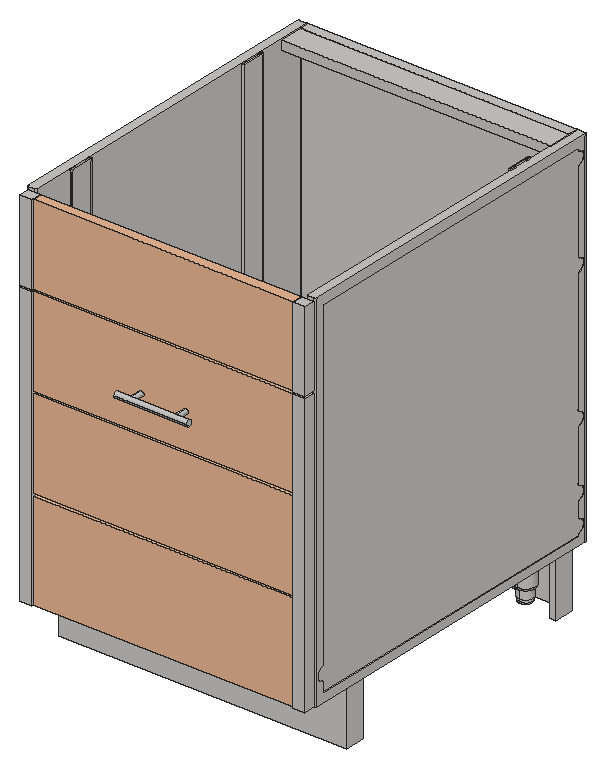
Revit family "Outdoor-Kitchen-Cabinets_Kalamazoo_Sink-Based-Cabinets_Arcadia", category Specialty Equipment, Revit 2018
Family settings
  Round Connector Dimension = Use Diameter
  Part Type = Normal
  OmniClass Number = 23.40.40.11
  OmniClass Title = Specialized Food Storage and Display Furnishings
  Work Plane-Based = No
  Always vertical = Yes
  Cut with Voids When Loaded = No
  Shared = No
  Room Calculation Point = No
Parameters (values of type "KD-24-SNK")
  Ι_Gnrc Mdl Optn 02 = Extension : -3/4"
  Ι_Gnrc Mdl Optn 01 = Extension : +3/4"
  Ι_Gd Rl120 = Width > 24"  # no
  Ι_Gd Rl100 = Width = 24"  # yes
  Ι_Dstnc [instance] = if(Height Extension = Ι_Gnrc Mdl Optn 01, 5 1/4", if(Height Extension = Ι_Gnrc Mdl Optn 02, 3 3/4", 4 1/2"))  # 4 1/2"
  Width = 24"
  Weight (lb) = 220.00 lbf
  URL = "https://kalamazoogourmet.com/products/arcadia-24-inch-sink-base-cabinet/"
  Right Hinge [instance] = not(Left Hinge)  # no
  Product data url = "https://www.bimobject.com/en-us/kalamazoogourmet/product/arcadia-sink-base-cabinet"
  Product Material = Kalamazoo - Stainless Steel - 304 OR 316L
  Panel Finish [instance] = Kalamazoo - Ipe Wood
  Optional Decorative Back Panel [instance] = no
  Model = "KD-24-SNK"
  Manufacturer = "Kalamazoo Outdoor Gourmet\r\n"  # constant formula
  Left Hinge [instance] = yes
  Keynote = "11400"
  Height Extension [instance] = Extension : None
  Height [instance] = 30 1/2" + Ι_Dstnc  # 35"
  Front Toe-Kick [instance] = yes
  Description = "Arcadia 24-inch Sink Base Cabinet"
  Depth = 29 1/8"  # constant formula
  Back Toe-Kick [instance] = yes
  BKPNLSNGL [instance] = and(Optional Decorative Back Panel, Ι_Gd Rl100)  # no
  BKPNLDBL [instance] = and(Optional Decorative Back Panel, Ι_Gd Rl120)  # no
  Assembly Code = "E1090300"
Reference planes (in)
  plane 1: y = 0
  plane 2: z = 0
  plane 3 "Center (Left/Right)": x = 0
  plane 4: x = -12
  plane 5: x = 12
  plane 6: x = -11.24947
  plane 7: x = 11.26003
  plane 8: x = 11.87546
  plane 9: x = -11.8649
  plane 10 "Center (Front/Back)": y = 13.77968
  plane 11: y = -15.34532
  plane 12: x = -10.8642
  plane 13: x = 10.87476
  plane 14: x = -1.89193
  plane 15: x = 1.89193
  plane 16: x = -3.01772
  plane 17: x = 3.01772
  plane 18: z = 35
  plane 19: x = -8.82527
  plane 20: x = 8.8125
  plane 21: x = -7.8906
  plane 22: x = 7.8906
  plane 23: z = 34.23047
  plane 24: z = 4.5
  plane 25: z = 5.20856
  plane 26: x = 6
  plane 27: x = -6
  plane 28: x = -4.1094
  plane 29: x = 4.1094
Forms (in)
  Extrusion 1, solid, material "Kalamazoo - Stainless Steel - 304 OR 316L" <- "Product Material"
    sketch origin (0, -9.75763, 45.43725) x (0, 1, 0) y (-1, 0, 0)
      loop
        line (22.78679, 11.1394) -> (22.78679, -11.15169)
        arc (22.78679, -11.15169) -> (22.81852, -11.22829) -> (22.89513, -11.26003) r 0.10834
        line (22.89513, -11.26003) -> (23.42897, -11.26003)
        arc (23.42897, -11.26003) -> (23.50558, -11.22829) -> (23.53731, -11.15169) r 0.10834
        line (23.53731, -11.15169) -> (23.53731, 11.1394)
        arc (23.53731, 11.1394) -> (23.50507, 11.21723) -> (23.42724, 11.24947) r 0.11008
        line (23.42724, 11.24947) -> (22.89686, 11.24947)
        arc (22.89686, 11.24947) -> (22.81903, 11.21723) -> (22.78679, 11.1394) r 0.11008
    from -40.93725 to -10.43725
  Extrusion 2, solid, material "Kalamazoo - Stainless Steel - 304 OR 316L" <- "Product Material"
    sketch origin (0, -9.75763, 45.43725) x (0, 1, 0) y (-1, 0, 0)
      loop
        line (22.78679, -11.26003) -> (22.78679, 11.24947) -> (-4.55229, 11.24947)
        arc (-4.55229, 11.24947) -> (-4.63022, 11.21719) -> (-4.66251, 11.13926) r 0.11022
        line (-4.66251, 11.13926) -> (-4.66251, -11.15025)
        arc (-4.66251, -11.15025) -> (-4.63035, -11.22787) -> (-4.55273, -11.26003) r 0.10978
        line (-4.55273, -11.26003) -> (22.78679, -11.26003)
      loop
        arc (17.85122, -4.68742) -> (18.66597, -4.35058) -> (19.02396, -3.5449) r 1.1875
        arc (19.02396, -3.5449) -> (18.69743, -2.68125) -> (17.85091, -2.31258) r 1.1875
        arc (17.85091, -2.31258) -> (17.0164, -2.64194) -> (16.65045, -3.46106) r 1.1875
        arc (16.65045, -3.46106) -> (16.98882, -4.33079) -> (17.85122, -4.68742) r 1.1875
      loop
        arc (19.02481, 3.50228) -> (18.66348, 4.35299) -> (17.80166, 4.68696) r 1.1875
        arc (17.80166, 4.68696) -> (16.98064, 4.32235) -> (16.64988, 3.48713) r 1.1875
        arc (16.64988, 3.48713) -> (17.00672, 2.65131) -> (17.85002, 2.31256) r 1.1875
        arc (17.85002, 2.31256) -> (18.68229, 2.66563) -> (19.02481, 3.50228) r 1.1875
      loop
        arc (17.8283, -1.18747) -> (18.68231, -0.83436) -> (19.02457, 0.02406) r 1.1875
        arc (19.02457, 0.02406) -> (18.6673, 0.84928) -> (17.83409, 1.18749) r 1.1875
        arc (17.83409, 1.18749) -> (17.01373, 0.85549) -> (16.6508, 0.04834) r 1.1875
        arc (16.6508, 0.04834) -> (16.97758, -0.81917) -> (17.8283, -1.18747) r 1.1875
    from -40.93725 to -40.22869
  Extrusion 3, solid, material "Kalamazoo - Stainless Steel - 304 OR 316L" <- "Product Material", detail levels fine
    sketch origin (0, -9.75763, 45.43725) x (0, 1, 0) y (-1, 0, 0)
      loop
        line (23.42724, 12) -> (-4.55241, 12)
        arc (-4.55241, 12) -> (-4.63024, 11.96776) -> (-4.66248, 11.88993) r 0.11007
        line (-4.66248, 11.88993) -> (-4.66248, 11.35963)
        arc (-4.66248, 11.35963) -> (-4.63021, 11.28174) -> (-4.55232, 11.24947) r 0.11016
        line (-4.55232, 11.24947) -> (23.42722, 11.24947)
        arc (23.42722, 11.24947) -> (23.50508, 11.28172) -> (23.53732, 11.35958) r 0.11011
        line (23.53732, 11.35958) -> (23.53732, 11.88992)
        arc (23.53732, 11.88992) -> (23.50508, 11.96776) -> (23.42724, 12) r 0.11008
      loop
        arc (23.42724, -12) -> (23.50508, -11.96776) -> (23.53732, -11.88992) r 0.11008
        line (23.53732, -11.88992) -> (23.53732, -11.37013)
        arc (23.53732, -11.37013) -> (23.50508, -11.29227) -> (23.42722, -11.26003) r 0.11011
        line (23.42722, -11.26003) -> (-4.55232, -11.26003)
        arc (-4.55232, -11.26003) -> (-4.63021, -11.29229) -> (-4.66248, -11.37019) r 0.11016
        line (-4.66248, -11.37019) -> (-4.66248, -11.88993)
        arc (-4.66248, -11.88993) -> (-4.63024, -11.96776) -> (-4.55241, -12) r 0.11007
        line (-4.55241, -12) -> (23.42724, -12)
    from -40.93725 to -10.43725
  Extrusion 4, void
    sketch origin (-8.5, -23.9075, 48) x (0, 1, 0) y (0, 0, 1)
      loop
        line (10.23789, -13.77105) -> (10.23665, -40.6144)
        arc (10.23665, -40.6144) -> (10.19899, -40.7053) -> (10.1081, -40.74295) r 0.12855
        arc (10.1081, -40.74295) -> (9.67459, -41.2905) -> (10.1081, -41.83806) r 0.56256
        arc (10.1081, -41.83806) -> (10.19958, -41.87595) -> (10.23747, -41.96743) r 0.12937
        line (10.23747, -41.96743) -> (10.23747, -42.79144) -> (36.93666, -42.79144) -> (36.93666, -42.71743)
        arc (36.93666, -42.71743) -> (36.96568, -42.6377) -> (37.03916, -42.59528) r 0.12404
        arc (37.03916, -42.59528) -> (37.48578, -42.04091) -> (37.03916, -41.48655) r 0.56736
        arc (37.03916, -41.48655) -> (36.96568, -41.44413) -> (36.93666, -41.3644) r 0.12404
        line (36.93666, -41.3644) -> (36.93666, -40.27555)
        arc (36.93666, -40.27555) -> (36.95901, -40.18143) -> (37.0398, -40.12824) r 0.13116
        arc (37.0398, -40.12824) -> (37.49378, -39.57038) -> (37.0398, -39.01252) r 0.56975
        arc (37.0398, -39.01252) -> (36.96605, -38.97247) -> (36.93666, -38.89386) r 0.11982
        line (36.93666, -38.89386) -> (36.93666, -34.72966)
        arc (36.93666, -34.72966) -> (36.96118, -34.63987) -> (37.039, -34.5888) r 0.13152
        arc (37.039, -34.5888) -> (37.48317, -34.03485) -> (37.039, -33.4809) r 0.56752
        arc (37.039, -33.4809) -> (36.96563, -33.43844) -> (36.93666, -33.35877) r 0.12404
        line (36.93666, -33.35877) -> (36.93666, -23.25635)
        arc (36.93666, -23.25635) -> (36.97345, -23.15398) -> (37.06594, -23.0967) r 0.16513
        arc (37.06594, -23.0967) -> (37.50128, -22.55395) -> (37.06594, -22.01119) r 0.55601
        arc (37.06594, -22.01119) -> (36.97453, -21.97332) -> (36.93666, -21.88191) r 0.12929
        line (36.93666, -21.88191) -> (36.93666, -15.25639)
        arc (36.93666, -15.25639) -> (36.96856, -15.18061) -> (37.03916, -15.13848) r 0.13182
        arc (37.03916, -15.13848) -> (37.48283, -14.58412) -> (37.03916, -14.02975) r 0.56817
        arc (37.03916, -14.02975) -> (36.96568, -13.98733) -> (36.93666, -13.9076) r 0.12404
        line (36.93666, -13.9076) -> (36.93666, -13.77105) -> (10.23789, -13.77105)
    from -3.5 to -3.3649
  Extrusion 5, void
    sketch origin (8.5, -23.9075, 48) x (0, 1, 0) y (0, 0, -1)
      loop
        line (10.23789, 13.77105) -> (36.93666, 13.77105) -> (36.93666, 13.9076)
        arc (36.93666, 13.9076) -> (36.96568, 13.98733) -> (37.03916, 14.02975) r 0.12404
        arc (37.03916, 14.02975) -> (37.48283, 14.58412) -> (37.03916, 15.13848) r 0.56817
        arc (37.03916, 15.13848) -> (36.96856, 15.18061) -> (36.93666, 15.25639) r 0.13182
        line (36.93666, 15.25639) -> (36.93666, 21.88191)
        arc (36.93666, 21.88191) -> (36.97453, 21.97332) -> (37.06594, 22.01119) r 0.12929
        arc (37.06594, 22.01119) -> (37.50128, 22.55395) -> (37.06594, 23.0967) r 0.55601
        arc (37.06594, 23.0967) -> (36.97345, 23.15398) -> (36.93666, 23.25635) r 0.16513
        line (36.93666, 23.25635) -> (36.93666, 33.35877)
        arc (36.93666, 33.35877) -> (36.96563, 33.43844) -> (37.039, 33.4809) r 0.12404
        arc (37.039, 33.4809) -> (37.48317, 34.03485) -> (37.039, 34.5888) r 0.56752
        arc (37.039, 34.5888) -> (36.96118, 34.63987) -> (36.93666, 34.72966) r 0.13152
        line (36.93666, 34.72966) -> (36.93666, 38.89386)
        arc (36.93666, 38.89386) -> (36.96605, 38.97247) -> (37.0398, 39.01252) r 0.11982
        arc (37.0398, 39.01252) -> (37.49378, 39.57038) -> (37.0398, 40.12824) r 0.56975
        arc (37.0398, 40.12824) -> (36.95901, 40.18143) -> (36.93666, 40.27555) r 0.13116
        line (36.93666, 40.27555) -> (36.93666, 41.3644)
        arc (36.93666, 41.3644) -> (36.96568, 41.44413) -> (37.03916, 41.48655) r 0.12404
        arc (37.03916, 41.48655) -> (37.48578, 42.04091) -> (37.03916, 42.59528) r 0.56736
        arc (37.03916, 42.59528) -> (36.96568, 42.6377) -> (36.93666, 42.71743) r 0.12404
        line (36.93666, 42.71743) -> (36.93666, 42.79144) -> (10.23747, 42.79144) -> (10.23747, 41.96743)
        arc (10.23747, 41.96743) -> (10.19958, 41.87595) -> (10.1081, 41.83806) r 0.12937
        arc (10.1081, 41.83806) -> (9.67459, 41.2905) -> (10.1081, 40.74295) r 0.56256
        arc (10.1081, 40.74295) -> (10.19899, 40.7053) -> (10.23665, 40.6144) r 0.12855
        line (10.23665, 40.6144) -> (10.23789, 13.77105)
    from -3.5 to -3.37546
  Extrusion 6, solid, material "Kalamazoo - Stainless Steel - 304 OR 316L" <- "Product Material", detail levels coarse+medium
    sketch origin (0, -9.75763, 45.43725) x (0, 1, 0) y (-1, 0, 0)
      loop
        line (23.42724, 12) -> (-4.55241, 12)
        arc (-4.55241, 12) -> (-4.63024, 11.96776) -> (-4.66248, 11.88993) r 0.11007
        line (-4.66248, 11.88993) -> (-4.66248, 11.35963)
        arc (-4.66248, 11.35963) -> (-4.63021, 11.28174) -> (-4.55232, 11.24947) r 0.11016
        line (-4.55232, 11.24947) -> (23.42722, 11.24947)
        arc (23.42722, 11.24947) -> (23.50508, 11.28172) -> (23.53732, 11.35958) r 0.11011
        line (23.53732, 11.35958) -> (23.53732, 11.88992)
        arc (23.53732, 11.88992) -> (23.50508, 11.96776) -> (23.42724, 12) r 0.11008
      loop
        arc (23.42724, -12) -> (23.50508, -11.96776) -> (23.53732, -11.88992) r 0.11008
        line (23.53732, -11.88992) -> (23.53732, -11.37013)
        arc (23.53732, -11.37013) -> (23.50508, -11.29227) -> (23.42722, -11.26003) r 0.11011
        line (23.42722, -11.26003) -> (-4.55232, -11.26003)
        arc (-4.55232, -11.26003) -> (-4.63021, -11.29229) -> (-4.66248, -11.37019) r 0.11016
        line (-4.66248, -11.37019) -> (-4.66248, -11.88993)
        arc (-4.66248, -11.88993) -> (-4.63024, -11.96776) -> (-4.55241, -12) r 0.11007
        line (-4.55241, -12) -> (23.42724, -12)
    from -40.97922 to -10.43725
  Extrusion 7, solid, material "Kalamazoo - Stainless Steel - 304 OR 316L"
    sketch origin (0, 0, 0) x (1, 0, 0) y (0, 0, 1)
      loop
        line (-11.8649, 34.77934) -> (-11.8649, 28.08411) -> (-10.8642, 28.08411) -> (-10.8642, 34.77934) -> (-11.8649, 34.77934)
      loop
        line (11.87546, 34.77934) -> (10.87476, 34.77934) -> (10.87476, 28.08411) -> (11.87546, 28.08411) -> (11.87546, 34.77934)
    from 14.45141 to 15.36205
  Extrusion 8, solid, material "Kalamazoo - Stainless Steel - 304 OR 316L"
    sketch origin (0, 0, 0) x (1, 0, 0) y (0, 0, 1)
      loop
        line (-11.8649, 27.90148) -> (-11.8649, 4.5) -> (-10.8642, 4.5) -> (-10.8642, 27.90148) -> (-11.8649, 27.90148)
      loop
        line (11.87546, 27.90148) -> (10.87476, 27.90148) -> (10.87476, 4.5) -> (11.87546, 4.5) -> (11.87546, 27.90148)
    from 14.45141 to 15.36205
  Extrusion 9, solid, material "Kalamazoo - Ipe Wood" <- "Panel Finish", visible <- "Ι_Gd Rl100"
    sketch origin (0, 0, 0) x (1, 0, 0) y (0, 0, 1)
      loop
        line (-10.8642, 34.77934) -> (-10.8642, 28.08411) -> (10.87476, 28.08411) -> (10.87476, 34.77934) -> (-10.8642, 34.77934)
      loop
        line (-10.8642, 27.90148) -> (-10.8642, 20.45625) -> (10.87476, 20.45625) -> (10.87476, 27.90148) -> (-10.8642, 27.90148)
      loop
        line (-10.8642, 20.27862) -> (-10.8642, 12.83339) -> (10.87476, 12.83339) -> (10.87476, 20.27862) -> (-10.8642, 20.27862)
      loop
        line (-10.8642, 12.65327) -> (-10.8642, 4.5) -> (10.87476, 4.5) -> (10.87476, 12.65327) -> (-10.8642, 12.65327)
    from 14.45141 to 15.25197
  Revolve 10, solid, material "Kalamazoo - Stainless Steel - 304 OR 316L", detail levels fine
    sketch origin (-8.82527, -180, 0.15636) x (0, 0, -1) y (0, -1, 0)
      loop
        line (0.15636, -169.74079) -> (-4.34364, -169.74079) -> (-4.34364, -170.55386) -> (-1.1483, -170.55386)
        arc (-1.1483, -170.55386) -> (-1.02584, -170.49675) -> (-0.99086, -170.36623) r 0.15987
        line (-0.99086, -170.36623) -> (-0.25643, -170.36623) -> (-0.25643, -170.30952) -> (0, -170.30952)
        arc (0, -170.30952) -> (0.11056, -170.26372) -> (0.15636, -170.15316) r 0.15636
        line (0.15636, -170.15316) -> (0.15636, -169.74079)
      axis (-4.34364, -169.74079) -> (0.15636, -169.74079)
    angle from 0 to 360
  Revolve 11, solid, material "Kalamazoo - Stainless Steel - 304 OR 316L", detail levels fine
    sketch origin (-8.82527, -158.30525, 0.15636) x (0, 0, -1) y (0, -1, 0)
      loop
        line (0.15636, -169.74079) -> (-4.34364, -169.74079) -> (-4.34364, -170.55386) -> (-1.1483, -170.55386)
        arc (-1.1483, -170.55386) -> (-1.02584, -170.49675) -> (-0.99086, -170.36623) r 0.15987
        line (-0.99086, -170.36623) -> (-0.25643, -170.36623) -> (-0.25643, -170.30952) -> (0, -170.30952)
        arc (0, -170.30952) -> (0.11056, -170.26372) -> (0.15636, -170.15316) r 0.15636
        line (0.15636, -170.15316) -> (0.15636, -169.74079)
      axis (-4.34364, -169.74079) -> (0.15636, -169.74079)
    angle from 0 to 360
  Revolve 12, solid, material "Kalamazoo - Stainless Steel - 304 OR 316L", detail levels fine
    sketch origin (8.8125, -180, 0.15636) x (0, 0, -1) y (0, -1, 0)
      loop
        line (0.15636, -169.74079) -> (-4.34364, -169.74079) -> (-4.34364, -170.55386) -> (-1.1483, -170.55386)
        arc (-1.1483, -170.55386) -> (-1.02584, -170.49675) -> (-0.99086, -170.36623) r 0.15987
        line (-0.99086, -170.36623) -> (-0.25643, -170.36623) -> (-0.25643, -170.30952) -> (0, -170.30952)
        arc (0, -170.30952) -> (0.11056, -170.26372) -> (0.15636, -170.15316) r 0.15636
        line (0.15636, -170.15316) -> (0.15636, -169.74079)
      axis (-4.34364, -169.74079) -> (0.15636, -169.74079)
    angle from 0 to 360
  Revolve 13, solid, material "Kalamazoo - Stainless Steel - 304 OR 316L", detail levels fine
    sketch origin (8.8125, -180, 0.15636) x (0, 0, -1) y (0, -1, 0)
      loop
        line (0.15636, -191.43554) -> (-4.34364, -191.43554) -> (-4.34364, -192.24861) -> (-1.1483, -192.24861)
        arc (-1.1483, -192.24861) -> (-1.02584, -192.1915) -> (-0.99086, -192.06098) r 0.15987
        line (-0.99086, -192.06098) -> (-0.25643, -192.06098) -> (-0.25643, -192.00427) -> (0, -192.00427)
        arc (0, -192.00427) -> (0.11056, -191.95847) -> (0.15636, -191.84791) r 0.15636
        line (0.15636, -191.84791) -> (0.15636, -191.43554)
      axis (-4.34364, -191.43554) -> (0.15636, -191.43554)
    angle from 0 to 360
  Extrusion 14, solid, material "Kalamazoo - Stainless Steel - 304 OR 316L", visible <- "Ι_Gd Rl100", detail levels fine
    sketch origin (-8.5, -23.9075, 40.37214) x (0, 1, 0) y (0, 0, 1)
      loop
        circle (7.52997, -16.94628) r 0.2366
    from 5.48228 to 11.51772
  Revolve 15, solid, material "Kalamazoo - Stainless Steel - 304 OR 316L" <- "Product Material", not visible, detail levels fine
    sketch origin (-1.89193, -16.23856, 48) x (0, -1, 0) y (0, 0, 1)
      loop
        line (-0.0086, -24.57414) -> (-0.0086, -24.3815) -> (-0.98659, -24.3815) -> (-0.98659, -24.57414) -> (-0.0086, -24.57414)
      axis (-0.98659, -24.57414) -> (-0.0086, -24.57414)
    angle from 0 to 360
  Revolve 16, solid, material "Kalamazoo - Stainless Steel - 304 OR 316L" <- "Product Material", not visible, detail levels fine
    sketch origin (1.89193, -16.23856, 48) x (0, -1, 0) y (0, 0, 1)
      loop
        line (-0.0086, -24.57414) -> (-0.0086, -24.3815) -> (-0.98659, -24.3815) -> (-0.98659, -24.57414) -> (-0.0086, -24.57414)
      axis (-0.98659, -24.57414) -> (-0.0086, -24.57414)
    angle from 0 to 360
  Revolve 17, solid, material "Kalamazoo - Stainless Steel - 304 OR 316L", detail levels coarse+medium
    sketch origin (-8.82527, -180, 0.15636) x (0, 0, -1) y (0, -1, 0)
      loop
        line (0.15636, -169.74079) -> (-4.34364, -169.74079) -> (-4.34364, -170.55386) -> (0.15636, -170.55386) -> (0.15636, -169.74079)
      axis (-4.34364, -169.74079) -> (0.15636, -169.74079)
    angle from 0 to 360
  Revolve 18, solid, material "Kalamazoo - Stainless Steel - 304 OR 316L", detail levels coarse+medium
    sketch origin (-8.82527, -180, 0.15636) x (0, 0, -1) y (0, -1, 0)
      loop
        line (0.15636, -191.43554) -> (-4.34364, -191.43554) -> (-4.34364, -192.24861) -> (0.15636, -192.24861) -> (0.15636, -191.43554)
      axis (-4.34364, -191.43554) -> (0.15636, -191.43554)
    angle from 0 to 360
  Revolve 19, solid, material "Kalamazoo - Stainless Steel - 304 OR 316L", detail levels coarse+medium
    sketch origin (8.8125, -180, 0.15636) x (0, 0, -1) y (0, -1, 0)
      loop
        line (0.15636, -169.74079) -> (-4.30167, -169.74079) -> (-4.30167, -170.55386) -> (0.15636, -170.55386) -> (0.15636, -169.74079)
      axis (-4.30167, -169.74079) -> (0.15636, -169.74079)
    angle from 0 to 360
  Revolve 20, solid, material "Kalamazoo - Stainless Steel - 304 OR 316L", detail levels coarse+medium
    sketch origin (8.8125, -180, 0.15636) x (0, 0, -1) y (0, -1, 0)
      loop
        line (0.15636, -191.43554) -> (-4.34364, -191.43554) -> (-4.34364, -192.24861) -> (0.15636, -192.24861) -> (0.15636, -191.43554)
      axis (-4.34364, -191.43554) -> (0.15636, -191.43554)
    angle from 0 to 360
  Extrusion 21, solid, material "Kalamazoo - Stainless Steel - 304 OR 316L", visible <- "Ι_Gd Rl120"
    sketch origin (0, 0, 0) x (1, 0, 0) y (0, 0, 1)
      loop
        line (-1.135, 34.7549) -> (-1.135, 27.3149) -> (-0.135, 27.3149) -> (-0.135, 34.7549) -> (-1.135, 34.7549)
      loop
        line (0.135, 34.7549) -> (0.135, 27.3149) -> (1.135, 27.3149) -> (1.135, 34.7549) -> (0.135, 34.7549)
      loop
        line (-1.135, 27.1329) -> (-1.135, 4.5) -> (-0.135, 4.5) -> (-0.135, 27.1329) -> (-1.135, 27.1329)
      loop
        line (0.135, 4.5) -> (1.135, 4.5) -> (1.135, 27.1329) -> (0.135, 27.1329) -> (0.135, 4.5)
    from 14.45141 to 15.36205
  Extrusion 22, solid, material "Kalamazoo - Ipe Wood" <- "Panel Finish", visible <- "Ι_Gd Rl120"
    sketch origin (0, 0, 0) x (1, 0, 0) y (0, 0, 1)
      loop
        line (-10.8642, 34.7549) -> (-10.8642, 28.0649) -> (-1.135, 28.0649) -> (-1.135, 34.7549) -> (-10.8642, 34.7549)
      loop
        line (-10.8642, 27.8829) -> (-10.8642, 20.4429) -> (-1.135, 20.4429) -> (-1.135, 27.8829) -> (-10.8642, 27.8829)
      loop
        line (-10.8642, 20.27862) -> (-10.8642, 12.8204) -> (-1.135, 12.8204) -> (-1.135, 20.27862) -> (-10.8642, 20.27862)
      loop
        line (-10.8642, 12.65327) -> (-10.8642, 4.5) -> (-1.135, 4.5) -> (-1.135, 12.65327) -> (-10.8642, 12.65327)
      loop
        line (10.87476, 34.7549) -> (1.135, 34.7549) -> (1.135, 28.0649) -> (10.87476, 28.0649) -> (10.87476, 34.7549)
      loop
        line (10.87476, 27.8829) -> (1.135, 27.8829) -> (1.135, 20.4429) -> (10.87476, 20.4429) -> (10.87476, 27.8829)
      loop
        line (10.87476, 20.27862) -> (1.135, 20.27862) -> (1.135, 12.8204) -> (10.87476, 12.8204) -> (10.87476, 20.27862)
      loop
        line (10.87476, 12.65327) -> (1.135, 12.65327) -> (1.135, 4.5) -> (10.87476, 4.5) -> (10.87476, 12.65327)
    from 14.45141 to 15.25197
  Revolve 23, solid, material "Kalamazoo - Stainless Steel - 304 OR 316L", visible <- "Ι_Gd Rl120", detail levels fine
    sketch origin (-7.8906, -16.21746, 40.35828) x (0, -1, 0) y (0, 0, 1)
      loop
        line (0.0125, -16.94628) -> (0.0125, -16.75364) -> (-0.96549, -16.75364) -> (-0.96549, -16.94628) -> (0.0125, -16.94628)
      axis (-0.96549, -16.94628) -> (0.0125, -16.94628)
    angle from 0 to 360
  Revolve 24, solid, material "Kalamazoo - Stainless Steel - 304 OR 316L", visible <- "Ι_Gd Rl120", detail levels fine
    sketch origin (-4.1094, -16.21746, 48) x (0, -1, 0) y (0, 0, 1)
      loop
        line (0.0125, -24.588) -> (0.0125, -24.39537) -> (-0.96549, -24.39537) -> (-0.96549, -24.588) -> (0.0125, -24.588)
      axis (-0.96549, -24.588) -> (0.0125, -24.588)
    angle from 0 to 360
  Extrusion 25, solid, material "Kalamazoo - Stainless Steel - 304 OR 316L", visible <- "Ι_Gd Rl120", detail levels fine
    sketch origin (-15.99867, -23.9075, 40.35828) x (0, 1, 0) y (0, 0, 1)
      loop
        circle (7.52997, -16.94628) r 0.2366
    from 6.98228 to 13.01772
  Revolve 26, solid, material "Kalamazoo - Stainless Steel - 304 OR 316L", visible <- "Ι_Gd Rl120", detail levels fine
    sketch origin (7.8906, -16.21746, 48) x (0, -1, 0) y (0, 0, 1)
      loop
        line (0.0125, -24.588) -> (0.0125, -24.39537) -> (-0.96549, -24.39537) -> (-0.96549, -24.588) -> (0.0125, -24.588)
      axis (-0.96549, -24.588) -> (0.0125, -24.588)
    angle from 0 to 360
  Revolve 27, solid, material "Kalamazoo - Stainless Steel - 304 OR 316L", visible <- "Ι_Gd Rl120", detail levels fine
    sketch origin (4.1094, -16.21746, 48) x (0, -1, 0) y (0, 0, 1)
      loop
        line (0.0125, -24.588) -> (0.0125, -24.39537) -> (-0.96549, -24.39537) -> (-0.96549, -24.588) -> (0.0125, -24.588)
      axis (-0.96549, -24.588) -> (0.0125, -24.588)
    angle from 0 to 360
  Extrusion 28, solid, material "Kalamazoo - Stainless Steel - 304 OR 316L", visible <- "Ι_Gd Rl120", detail levels fine
    sketch origin (15.99867, -23.9075, 40.35828) x (0, 1, 0) y (0, 0, -1)
      loop
        circle (7.52997, 16.94628) r 0.2366
    from 6.98228 to 13.01772
  Extrusion 29, solid, material "Kalamazoo - Stainless Steel - 304 OR 316L" <- "Product Material"
    sketch origin (0, -9.75763, 45.43725) x (0, 1, 0) y (-1, 0, 0)
      loop
        line (22.78294, 11.24947) -> (20.79003, 11.24947) -> (20.79003, -11.26003) -> (22.78294, -11.26003) -> (22.78294, 11.24947)
    from -11.20678 to -10.43725
  Sweep 30, solid, material "Kalamazoo - Stainless Steel - 304 OR 316L", detail levels fine
    path origin (-11.24947, 13.66961, 48) x (0, -1, 0) y (0, 0, 1)
      loop
        line (13.66961, -13) -> (13.66961, -42.79144)
    profile origin (-11.24947, 0, 20.10428) x (-1, 0, 0) y (0, -1, 0)
      loop
        arc (-0.22048, -8.86621) -> (-0.10998, -8.97671) -> (0.00052, -8.86621) r 0.1105
        line (0.00052, -8.86621) -> (0.00052, -8.50671) -> (-0.04748, -8.50671) -> (-0.04748, -8.86621)
        arc (-0.04748, -8.86621) -> (-0.10994, -8.92871) -> (-0.17248, -8.86627) r 0.0625
        line (-0.17248, -8.86627) -> (-0.17248, -6.99115)
        arc (-0.17248, -6.99115) -> (-0.10998, -6.92865) -> (-0.04748, -6.99115) r 0.0625
        line (-0.04748, -6.99115) -> (-0.04748, -7.35071) -> (0.00052, -7.35071) -> (0.00052, -6.99144)
        arc (0.00052, -6.99144) -> (-0.10998, -6.88094) -> (-0.22048, -6.99144) r 0.1105
        line (-0.22048, -6.99144) -> (-0.22048, -8.86621)
      loop
        arc (-0.22048, 9.01879) -> (-0.10998, 8.90829) -> (0.00052, 9.01879) r 0.1105
        line (0.00052, 9.01879) -> (0.00052, 9.37829) -> (-0.04748, 9.37829) -> (-0.04748, 9.01879)
        arc (-0.04748, 9.01879) -> (-0.10994, 8.95629) -> (-0.17248, 9.01873) r 0.0625
        line (-0.17248, 9.01873) -> (-0.17248, 10.89385)
        arc (-0.17248, 10.89385) -> (-0.10998, 10.95635) -> (-0.04748, 10.89385) r 0.0625
        line (-0.04748, 10.89385) -> (-0.04748, 10.53429) -> (0.00052, 10.53429) -> (0.00052, 10.89356)
        arc (0.00052, 10.89356) -> (-0.10981, 11.00406) -> (-0.22048, 10.89391) r 0.1105
        line (-0.22048, 10.89391) -> (-0.22048, 9.01879)
  Sweep 31, solid, material "Kalamazoo - Stainless Steel - 304 OR 316L", detail levels fine
    path origin (11.26003, 13.66961, 48) x (0, -1, 0) y (0, 0, 1)
      loop
        line (13.66961, -13) -> (13.66961, -42.79144)
    profile origin (11.26003, 0, 20.10428) x (1, 0, 0) y (0, 1, 0)
      loop
        arc (-0.01002, 8.86596) -> (-0.12052, 8.97646) -> (-0.23102, 8.86596) r 0.1105
        line (-0.23102, 8.86596) -> (-0.23102, 6.9908)
        arc (-0.23102, 6.9908) -> (-0.12045, 6.88046) -> (-0.01002, 6.99096) r 0.1105
        line (-0.01002, 6.99096) -> (-0.01002, 7.35071) -> (-0.05802, 7.35071) -> (-0.05802, 6.99121)
        arc (-0.05802, 6.99121) -> (-0.12052, 6.92871) -> (-0.18302, 6.99121) r 0.0625
        line (-0.18302, 6.99121) -> (-0.18302, 8.86621)
        arc (-0.18302, 8.86621) -> (-0.12052, 8.92871) -> (-0.05802, 8.86621) r 0.0625
        line (-0.05802, 8.86621) -> (-0.05802, 8.50671) -> (-0.01002, 8.50671) -> (-0.01002, 8.86596)
  Revolve 32, solid, material "Kalamazoo - Stainless Steel - 304 OR 316L", visible <- "Ι_Gd Rl100", detail levels fine
    sketch origin (1.85934, -16.21746, 40.35828) x (0, -1, 0) y (0, 0, -1)
      loop
        line (0.0125, 16.94628) -> (-0.96549, 16.94628) -> (-0.96549, 16.75364) -> (0.0125, 16.75364) -> (0.0125, 16.94628)
      axis (-0.96549, 16.94628) -> (0.0125, 16.94628)
    angle from 0 to 360
  Revolve 33, solid, material "Kalamazoo - Stainless Steel - 304 OR 316L", visible <- "Ι_Gd Rl100", detail levels fine
    sketch origin (-1.85934, -16.21746, 40.35828) x (0, -1, 0) y (0, 0, 1)
      loop
        line (0.0125, -16.94628) -> (0.0125, -16.75364) -> (-0.96549, -16.75364) -> (-0.96549, -16.94628) -> (0.0125, -16.94628)
      axis (-0.96549, -16.94628) -> (0.0125, -16.94628)
    angle from 0 to 360
  Extrusion 34, solid, material "Kalamazoo - Stainless Steel - 304 OR 316L", visible <- "Optional Decorative Back Panel"
    sketch origin (0, -0.65625, 0) x (1, 0, 0) y (0, 0, -1)
      loop
        line (-11.8649, -34.77934) -> (-10.8642, -34.77934) -> (-10.8642, -28.08411) -> (-11.8649, -28.08411) -> (-11.8649, -34.77934)
      loop
        line (11.87546, -34.77934) -> (11.87546, -28.08411) -> (10.87476, -28.08411) -> (10.87476, -34.77934) -> (11.87546, -34.77934)
    from 14.45141 to 15.36205
  Extrusion 35, solid, material "Kalamazoo - Stainless Steel - 304 OR 316L", visible <- "Optional Decorative Back Panel"
    sketch origin (0, -0.65625, 0) x (1, 0, 0) y (0, 0, -1)
      loop
        line (-11.8649, -27.90148) -> (-10.8642, -27.90148) -> (-10.8642, -4.5) -> (-11.8649, -4.5) -> (-11.8649, -27.90148)
      loop
        line (11.87546, -27.90148) -> (11.87546, -4.5) -> (10.87476, -4.5) -> (10.87476, -27.90148) -> (11.87546, -27.90148)
    from 14.45141 to 15.36205
  Extrusion 36, solid, material "Kalamazoo - Ipe Wood" <- "Panel Finish", visible <- "BKPNLSNGL"
    sketch origin (0, -0.65625, 0) x (1, 0, 0) y (0, 0, -1)
      loop
        line (-10.8642, -34.77934) -> (10.87476, -34.77934) -> (10.87476, -28.08411) -> (-10.8642, -28.08411) -> (-10.8642, -34.77934)
      loop
        line (-10.8642, -27.90148) -> (10.87476, -27.90148) -> (10.87476, -20.45625) -> (-10.8642, -20.45625) -> (-10.8642, -27.90148)
      loop
        line (-10.8642, -20.27862) -> (10.87476, -20.27862) -> (10.87476, -12.83339) -> (-10.8642, -12.83339) -> (-10.8642, -20.27862)
      loop
        line (-10.8642, -12.65327) -> (10.87476, -12.65327) -> (10.87476, -4.5) -> (-10.8642, -4.5) -> (-10.8642, -12.65327)
    from 14.45141 to 15.25197
  Extrusion 37, solid, material "Kalamazoo - Stainless Steel - 304 OR 316L", visible <- "BKPNLDBL"
    sketch origin (0, -0.65625, 0) x (1, 0, 0) y (0, 0, -1)
      loop
        line (-1.135, -34.7549) -> (-0.135, -34.7549) -> (-0.135, -27.3149) -> (-1.135, -27.3149) -> (-1.135, -34.7549)
      loop
        line (0.135, -34.7549) -> (1.135, -34.7549) -> (1.135, -27.3149) -> (0.135, -27.3149) -> (0.135, -34.7549)
      loop
        line (-1.135, -27.1329) -> (-0.135, -27.1329) -> (-0.135, -4.5) -> (-1.135, -4.5) -> (-1.135, -27.1329)
      loop
        line (0.135, -4.5) -> (0.135, -27.1329) -> (1.135, -27.1329) -> (1.135, -4.5) -> (0.135, -4.5)
    from 14.45141 to 15.36205
  Extrusion 38, solid, material "Kalamazoo - Ipe Wood" <- "Panel Finish", visible <- "BKPNLDBL"
    sketch origin (0, -0.65625, 0) x (1, 0, 0) y (0, 0, -1)
      loop
        line (-10.8642, -34.7549) -> (-1.135, -34.7549) -> (-1.135, -28.0649) -> (-10.8642, -28.0649) -> (-10.8642, -34.7549)
      loop
        line (-10.8642, -27.8829) -> (-1.135, -27.8829) -> (-1.135, -20.4429) -> (-10.8642, -20.4429) -> (-10.8642, -27.8829)
      loop
        line (-10.8642, -20.27862) -> (-1.135, -20.27862) -> (-1.135, -12.8204) -> (-10.8642, -12.8204) -> (-10.8642, -20.27862)
      loop
        line (-10.8642, -12.65327) -> (-1.135, -12.65327) -> (-1.135, -4.5) -> (-10.8642, -4.5) -> (-10.8642, -12.65327)
      loop
        line (10.87476, -34.7549) -> (10.87476, -28.0649) -> (1.135, -28.0649) -> (1.135, -34.7549) -> (10.87476, -34.7549)
      loop
        line (10.87476, -27.8829) -> (10.87476, -20.4429) -> (1.135, -20.4429) -> (1.135, -27.8829) -> (10.87476, -27.8829)
      loop
        line (10.87476, -20.27862) -> (10.87476, -12.8204) -> (1.135, -12.8204) -> (1.135, -20.27862) -> (10.87476, -20.27862)
      loop
        line (10.87476, -12.65327) -> (10.87476, -4.5) -> (1.135, -4.5) -> (1.135, -12.65327) -> (10.87476, -12.65327)
    from 14.45141 to 15.25197
  Extrusion 39, solid, material "Kalamazoo - Stainless Steel - 304 OR 316L" <- "Product Material", visible <- "Back Toe-Kick"
    sketch origin (0, -9.75763, 45.43725) x (0, 1, 0) y (-1, 0, 0)
      loop
        line (22.06624, -12) -> (22.06624, 12) -> (20.3801, 12) -> (20.3801, 11.5) -> (22.00624, 11.5) -> (22.00624, -11.5) -> (20.3801, -11.5) -> (20.3801, -12) -> (22.06624, -12)
    from -45.43725 to -40.93725
  Extrusion 40, solid, material "Kalamazoo - Stainless Steel - 304 OR 316L" <- "Product Material", visible <- "Front Toe-Kick"
    sketch origin (0, -9.75763, 45.43725) x (0, 1, 0) y (-1, 0, 0)
      loop
        line (0.31149, 11.5) -> (0.31149, 12) -> (-1.37465, 12) -> (-1.37465, -12) -> (0.31149, -12) -> (0.31149, -11.5) -> (-1.31465, -11.5) -> (-1.31465, 11.5) -> (0.31149, 11.5)
    from -45.43725 to -40.93725
Cuts and joins
  Extrusion 4, Extrusion 5 cuts Extrusion 3
Lines and regions (in)
  Masking region 1
    outline origin (0, -9.75763, 45.43725) x (0, 1, 0) y (-1, 0, 0)
      loop
        arc (23.42722, 11.24947) -> (23.50508, 11.28172) -> (23.53732, 11.35958) r 0.11011
        line (23.53732, 11.35958) -> (23.53732, 11.88992)
        arc (23.53732, 11.88992) -> (23.50508, 11.96776) -> (23.42724, 12) r 0.11008
        line (23.42724, 12) -> (-4.55241, 12)
        arc (-4.55241, 12) -> (-4.63024, 11.96776) -> (-4.66248, 11.88993) r 0.11007
        line (-4.66248, 11.88993) -> (-4.66248, 11.35963)
        arc (-4.66248, 11.35963) -> (-4.63021, 11.28174) -> (-4.55232, 11.24947) r 0.11016
        line (-4.55232, 11.24947) -> (23.42722, 11.24947)
      loop
        arc (23.53732, -11.37013) -> (23.50508, -11.29227) -> (23.42722, -11.26003) r 0.11011
        line (23.42722, -11.26003) -> (-4.55232, -11.26003)
        arc (-4.55232, -11.26003) -> (-4.63021, -11.29229) -> (-4.66248, -11.37019) r 0.11016
        line (-4.66248, -11.37019) -> (-4.66248, -11.88993)
        arc (-4.66248, -11.88993) -> (-4.63024, -11.96776) -> (-4.55241, -12) r 0.11007
        line (-4.55241, -12) -> (23.42724, -12)
        arc (23.42724, -12) -> (23.50508, -11.96776) -> (23.53732, -11.88992) r 0.11008
        line (23.53732, -11.88992) -> (23.53732, -11.37013)
  Masking region 2
    outline origin (0, -9.75763, 45.43725) x (0, 1, 0) y (-1, 0, 0)
      loop
        arc (23.53731, 11.1394) -> (23.50507, 11.21723) -> (23.42724, 11.24947) r 0.11008
        line (23.42724, 11.24947) -> (22.89686, 11.24947)
        arc (22.89686, 11.24947) -> (22.81903, 11.21723) -> (22.78679, 11.1394) r 0.11008
        line (22.78679, 11.1394) -> (22.78679, -11.15169)
        arc (22.78679, -11.15169) -> (22.81852, -11.22829) -> (22.89513, -11.26003) r 0.10834
        line (22.89513, -11.26003) -> (23.42897, -11.26003)
        arc (23.42897, -11.26003) -> (23.50558, -11.22829) -> (23.53731, -11.15169) r 0.10834
        line (23.53731, -11.15169) -> (23.53731, 11.1394)
  Masking region 3
    outline origin (0, -9.75763, 45.43725) x (0, 1, 0) y (-1, 0, 0)
      loop
        arc (-4.55229, 11.24947) -> (-4.63022, 11.21719) -> (-4.66251, 11.13926) r 0.11022
        line (-4.66251, 11.13926) -> (-4.66251, -11.15025)
        arc (-4.66251, -11.15025) -> (-4.63035, -11.22787) -> (-4.55273, -11.26003) r 0.10978
        line (-4.55273, -11.26003) -> (22.78679, -11.26003) -> (22.78679, 11.24947) -> (-4.55229, 11.24947)
  Masking region 4
    outline origin (0, -9.75763, 45.43725) x (0, 1, 0) y (-1, 0, 0)
      loop
        line (-4.69378, 11.8649) -> (-5.60442, 11.8649) -> (-5.60442, 10.8642) -> (-4.69378, 10.8642) -> (-4.69378, 11.8649)
      loop
        line (-4.69378, -10.87476) -> (-5.60442, -10.87476) -> (-5.60442, -11.87546) -> (-4.69378, -11.87546) -> (-4.69378, -10.87476)
  Masking region 5, visible <- "Ι_Gd Rl120"
    outline origin (0, -9.75763, 45.43725) x (0, 1, 0) y (-1, 0, 0)
      loop
        line (-4.69378, 1.135) -> (-5.60442, 1.135) -> (-5.60442, 0.135) -> (-4.69378, 0.135) -> (-4.69378, 1.135)
      loop
        line (-4.69378, -0.135) -> (-5.60442, -0.135) -> (-5.60442, -1.135) -> (-4.69378, -1.135) -> (-4.69378, -0.135)
  Masking region 6, visible <- "Ι_Gd Rl120"
    outline origin (0, -9.75763, 45.43725) x (0, 1, 0) y (-1, 0, 0)
      loop
        line (-5.49434, 10.8642) -> (-5.49434, 1.135) -> (-4.69378, 1.135) -> (-4.69378, 10.8642) -> (-5.49434, 10.8642)
      loop
        line (-5.49434, -1.135) -> (-5.49434, -10.87476) -> (-4.69378, -10.87476) -> (-4.69378, -1.135) -> (-5.49434, -1.135)
  Masking region 7, visible <- "Ι_Gd Rl120", detail levels fine
    outline origin (0, -9.75763, 45.43725) x (0, 1, 0) y (-1, 0, 0)
      loop
        line (-6.3833, 8.08323) -> (-6.3833, 9.01639) -> (-6.8565, 9.01639) -> (-6.8565, 2.98094) -> (-6.3833, 2.98094) -> (-6.3833, 3.91671)
        spline (-6.3833, 3.91671) -> (-6.38435, 3.91805) -> (-6.38739, 3.92175) -> (-6.39226, 3.92784) -> (-6.39874, 3.93601) -> (-6.40651, 3.94604) -> (-6.41531, 3.95772) -> (-6.42482, 3.97085) -> (-6.43481, 3.98529) -> (-6.44497, 4.00096) -> (-6.45486, 4.01787) -> (-6.46404, 4.03603) -> (-6.47233, 4.05544)
        line (-6.47233, 4.05544) -> (-6.47233, 4.10934) -> (-6.47233, 4.16325)
        spline (-6.47233, 4.16325) -> (-6.46404, 4.18266) -> (-6.45486, 4.20082) -> (-6.44497, 4.21773) -> (-6.43481, 4.2334) -> (-6.42482, 4.24784) -> (-6.41531, 4.26097) -> (-6.40651, 4.27265) -> (-6.39874, 4.28268) -> (-6.39226, 4.29085) -> (-6.38739, 4.29694) -> (-6.38435, 4.30064) -> (-6.3833, 4.30198)
        line (-6.3833, 4.30198) -> (-6.3833, 7.69796)
        spline (-6.3833, 7.69796) -> (-6.38435, 7.6993) -> (-6.38739, 7.703) -> (-6.39226, 7.70909) -> (-6.39874, 7.71727) -> (-6.40651, 7.72729) -> (-6.41531, 7.73898) -> (-6.42482, 7.7521) -> (-6.43481, 7.76654) -> (-6.44497, 7.78222) -> (-6.45486, 7.79912) -> (-6.46404, 7.81728) -> (-6.47233, 7.83669)
        line (-6.47233, 7.83669) -> (-6.47233, 7.8906) -> (-6.47233, 7.94451)
        spline (-6.47233, 7.94451) -> (-6.46404, 7.96391) -> (-6.45486, 7.98207) -> (-6.44497, 7.99898) -> (-6.43481, 8.01465) -> (-6.42482, 8.02909) -> (-6.41531, 8.04222) -> (-6.40651, 8.0539) -> (-6.39874, 8.06393) -> (-6.39226, 8.0721) -> (-6.38739, 8.0782) -> (-6.38435, 8.08189) -> (-6.3833, 8.08323)
      loop
        spline (-6.3833, -8.08323) -> (-6.38435, -8.08189) -> (-6.38739, -8.0782) -> (-6.39226, -8.0721) -> (-6.39874, -8.06393) -> (-6.40651, -8.0539) -> (-6.41531, -8.04222) -> (-6.42482, -8.02909) -> (-6.43481, -8.01465) -> (-6.44497, -7.99898) -> (-6.45486, -7.98207) -> (-6.46404, -7.96391) -> (-6.47233, -7.94451)
        line (-6.47233, -7.94451) -> (-6.47233, -7.8906) -> (-6.47233, -7.83669)
        spline (-6.47233, -7.83669) -> (-6.46404, -7.81728) -> (-6.45486, -7.79912) -> (-6.44497, -7.78222) -> (-6.43481, -7.76654) -> (-6.42482, -7.7521) -> (-6.41531, -7.73898) -> (-6.40651, -7.72729) -> (-6.39874, -7.71727) -> (-6.39226, -7.70909) -> (-6.38739, -7.703) -> (-6.38435, -7.6993) -> (-6.3833, -7.69796)
        line (-6.3833, -7.69796) -> (-6.3833, -4.30198)
        spline (-6.3833, -4.30198) -> (-6.38435, -4.30064) -> (-6.38739, -4.29694) -> (-6.39226, -4.29085) -> (-6.39874, -4.28268) -> (-6.40651, -4.27265) -> (-6.41531, -4.26097) -> (-6.42482, -4.24784) -> (-6.43481, -4.2334) -> (-6.44497, -4.21773) -> (-6.45486, -4.20082) -> (-6.46404, -4.18266) -> (-6.47233, -4.16325)
        line (-6.47233, -4.16325) -> (-6.47233, -4.10934) -> (-6.47233, -4.05544)
        spline (-6.47233, -4.05544) -> (-6.46404, -4.03603) -> (-6.45486, -4.01787) -> (-6.44497, -4.00096) -> (-6.43481, -3.98529) -> (-6.42482, -3.97085) -> (-6.41531, -3.95772) -> (-6.40651, -3.94604) -> (-6.39874, -3.93601) -> (-6.39226, -3.92784) -> (-6.38739, -3.92175) -> (-6.38435, -3.91805) -> (-6.3833, -3.91671)
        line (-6.3833, -3.91671) -> (-6.3833, -2.98094) -> (-6.8565, -2.98094) -> (-6.8565, -9.01639) -> (-6.3833, -9.01639) -> (-6.3833, -8.08323)
  Masking region 8, visible <- "Ι_Gd Rl120", detail levels fine
    outline origin (0, -9.75763, 45.43725) x (0, 1, 0) y (-1, 0, 0)
      loop
        line (-5.49434, 8.08323) -> (-6.38271, 8.08323)
        arc (-6.38271, 8.08323) -> (-6.43275, 8.01787) -> (-6.47233, 7.9457) r 0.5426
        line (-6.47233, 7.9457) -> (-6.47233, 7.8906) -> (-6.47233, 7.8355)
        arc (-6.47233, 7.8355) -> (-6.43286, 7.76349) -> (-6.38297, 7.69826) r 0.5426
        line (-6.38297, 7.69826) -> (-5.49434, 7.69826) -> (-5.49434, 8.08323)
      loop
        line (-5.49434, 3.91475) -> (-5.49434, 4.29973) -> (-6.38297, 4.29973)
        arc (-6.38297, 4.29973) -> (-6.43286, 4.2345) -> (-6.47233, 4.16249) r 0.5426
        line (-6.47233, 4.16249) -> (-6.47233, 4.10739) -> (-6.47233, 4.05229)
        arc (-6.47233, 4.05229) -> (-6.43275, 3.98011) -> (-6.38271, 3.91475) r 0.5426
        line (-6.38271, 3.91475) -> (-5.49434, 3.91475)
      loop
        line (-5.49434, -8.08323) -> (-5.49434, -7.69826) -> (-6.38297, -7.69826)
        arc (-6.38297, -7.69826) -> (-6.43286, -7.76349) -> (-6.47233, -7.8355) r 0.5426
        line (-6.47233, -7.8355) -> (-6.47233, -7.8906) -> (-6.47233, -7.9457)
        arc (-6.47233, -7.9457) -> (-6.43275, -8.01787) -> (-6.38271, -8.08323) r 0.5426
        line (-6.38271, -8.08323) -> (-5.49434, -8.08323)
      loop
        line (-5.49434, -3.91705) -> (-6.38271, -3.91705)
        arc (-6.38271, -3.91705) -> (-6.43275, -3.98241) -> (-6.47233, -4.05459) r 0.5426
        line (-6.47233, -4.05459) -> (-6.47233, -4.10969) -> (-6.47233, -4.16479)
        arc (-6.47233, -4.16479) -> (-6.43286, -4.2368) -> (-6.38297, -4.30203) r 0.5426
        line (-6.38297, -4.30203) -> (-5.49434, -4.30203) -> (-5.49434, -3.91705)
  Masking region 9, visible <- "Ι_Gd Rl100"
    outline origin (0, -9.75763, 45.43725) x (0, 1, 0) y (-1, 0, 0)
      loop
        line (-4.69378, 10.8642) -> (-5.49434, 10.8642) -> (-5.49434, -10.87476) -> (-4.69378, -10.87476) -> (-4.69378, 10.8642)
  Masking region 10, visible <- "Ι_Gd Rl100", detail levels fine
    outline origin (0, -9.75763, 45.43725) x (0, 1, 0) y (-1, 0, 0)
      loop
        line (-5.49434, 2.08457) -> (-6.38341, 2.08457)
        spline (-6.38341, 2.08457) -> (-6.38583, 2.08105) -> (-6.38935, 2.07577) -> (-6.39394, 2.06877) -> (-6.39955, 2.06014) -> (-6.40612, 2.04996) -> (-6.41359, 2.03833) -> (-6.42187, 2.02538) -> (-6.43089, 2.01124) -> (-6.44055, 1.99605) -> (-6.45075, 1.97997) -> (-6.46138, 1.96317) -> (-6.47233, 1.94582)
        line (-6.47233, 1.94582) -> (-6.47233, 1.89193) -> (-6.47233, 1.83805)
        spline (-6.47233, 1.83805) -> (-6.46138, 1.82069) -> (-6.45075, 1.80389) -> (-6.44055, 1.78782) -> (-6.43089, 1.77263) -> (-6.42187, 1.75848) -> (-6.41359, 1.74553) -> (-6.40612, 1.73391) -> (-6.39955, 1.72372) -> (-6.39394, 1.71509) -> (-6.38935, 1.7081) -> (-6.38583, 1.70281) -> (-6.38341, 1.6993)
        line (-6.38341, 1.6993) -> (-5.49434, 1.6993) -> (-5.49434, 2.08457)
      loop
        line (-5.49434, -1.6993) -> (-6.38341, -1.6993)
        spline (-6.38341, -1.6993) -> (-6.38583, -1.70281) -> (-6.38935, -1.7081) -> (-6.39394, -1.71509) -> (-6.39955, -1.72372) -> (-6.40612, -1.73391) -> (-6.41359, -1.74553) -> (-6.42187, -1.75848) -> (-6.43089, -1.77263) -> (-6.44055, -1.78782) -> (-6.45075, -1.80389) -> (-6.46138, -1.82069) -> (-6.47233, -1.83805)
        line (-6.47233, -1.83805) -> (-6.47233, -1.89193) -> (-6.47233, -1.94582)
        spline (-6.47233, -1.94582) -> (-6.46138, -1.96317) -> (-6.45075, -1.97997) -> (-6.44055, -1.99605) -> (-6.43089, -2.01124) -> (-6.42187, -2.02538) -> (-6.41359, -2.03833) -> (-6.40612, -2.04996) -> (-6.39955, -2.06014) -> (-6.39394, -2.06877) -> (-6.38935, -2.07577) -> (-6.38583, -2.08105) -> (-6.38341, -2.08457)
        line (-6.38341, -2.08457) -> (-5.49434, -2.08457) -> (-5.49434, -1.6993)
  Masking region 11, visible <- "Ι_Gd Rl100", detail levels fine
    outline origin (0, -9.75763, 45.43725) x (0, 1, 0) y (-1, 0, 0)
      loop
        line (-6.3833, 2.08489) -> (-6.3833, 3.01772) -> (-6.8565, 3.01772) -> (-6.8565, -3.01772) -> (-6.38348, -3.01772) -> (-6.38348, -2.08461)
        arc (-6.38348, -2.08461) -> (-6.42832, -2.0154) -> (-6.47233, -1.94565) r 7.02102
        line (-6.47233, -1.94565) -> (-6.47233, -1.89193) -> (-6.47233, -1.83821)
        arc (-6.47233, -1.83821) -> (-6.42789, -1.76781) -> (-6.38262, -1.69794) r 7.02102
        line (-6.38262, -1.69794) -> (-6.38262, 1.69794)
        arc (-6.38262, 1.69794) -> (-6.42789, 1.76781) -> (-6.47233, 1.83821) r 7.02102
        line (-6.47233, 1.83821) -> (-6.47233, 1.89193) -> (-6.47233, 1.94565)
        arc (-6.47233, 1.94565) -> (-6.42823, 2.01553) -> (-6.3833, 2.08489) r 7.02102
  Masking region 12
    outline origin (0, -9.75763, 45.43725) x (0, 1, 0) y (-1, 0, 0)
      loop
        arc (17.80849, 2.31285) -> (18.66507, 2.64854) -> (19.0248, 3.49531) r 1.1875
        arc (19.0248, 3.49531) -> (18.69335, 4.32302) -> (17.87931, 4.68675) r 1.1875
        arc (17.87931, 4.68675) -> (17.01491, 4.35662) -> (16.64983, 3.50639) r 1.1875
        arc (16.64983, 3.50639) -> (16.98527, 2.67285) -> (17.80849, 2.31285) r 1.1875
      loop
        arc (17.97543, -1.17944) -> (18.73756, -0.77441) -> (19.02415, 0.03969) r 1.1875
        arc (19.02415, 0.03969) -> (18.6953, 0.82098) -> (17.92924, 1.18393) r 1.1875
        arc (17.92924, 1.18393) -> (17.03078, 0.87158) -> (16.64981, 0) r 1.1875
        arc (16.64981, 0) -> (17.04796, -0.88718) -> (17.97543, -1.17944) r 1.1875
      loop
        arc (19.02452, -3.52631) -> (18.67934, -2.66266) -> (17.81761, -2.31267) r 1.1875
        arc (17.81761, -2.31267) -> (17.00538, -2.65263) -> (16.65054, -3.45847) r 1.1875
        arc (16.65054, -3.45847) -> (17.01516, -4.35687) -> (17.92786, -4.68405) r 1.1875
        arc (17.92786, -4.68405) -> (18.69943, -4.31665) -> (19.02452, -3.52631) r 1.1875
  Masking region 13
    outline origin (0, -9.75763, 45.43725) x (0, 1, 0) y (-1, 0, 0)
      loop
        line (22.78679, 11.24947) -> (20.78679, 11.24947) -> (20.78679, -11.26003) -> (22.78679, -11.26003) -> (22.78679, 11.24947)
  Masking region 14, visible <- "Optional Decorative Back Panel"
    outline origin (0, 9.10138, 45.43725) x (0, -1, 0) y (1, 0, 0)
      loop
        line (-4.69378, -11.8649) -> (-4.69378, -10.8642) -> (-5.60442, -10.8642) -> (-5.60442, -11.8649) -> (-4.69378, -11.8649)
      loop
        line (-4.69378, 10.87476) -> (-4.69378, 11.87546) -> (-5.60442, 11.87546) -> (-5.60442, 10.87476) -> (-4.69378, 10.87476)
  Masking region 15, visible <- "BKPNLDBL"
    outline origin (0, 9.10138, 45.43725) x (0, -1, 0) y (1, 0, 0)
      loop
        line (-4.69378, -1.135) -> (-4.69378, -0.135) -> (-5.60442, -0.135) -> (-5.60442, -1.135) -> (-4.69378, -1.135)
      loop
        line (-4.69378, 0.135) -> (-4.69378, 1.135) -> (-5.60442, 1.135) -> (-5.60442, 0.135) -> (-4.69378, 0.135)
  Masking region 16, visible <- "BKPNLDBL"
    outline origin (0, 9.10138, 45.43725) x (0, -1, 0) y (1, 0, 0)
      loop
        line (-5.49434, -10.8642) -> (-4.69378, -10.8642) -> (-4.69378, -1.135) -> (-5.49434, -1.135) -> (-5.49434, -10.8642)
      loop
        line (-5.49434, 1.135) -> (-4.69378, 1.135) -> (-4.69378, 10.87476) -> (-5.49434, 10.87476) -> (-5.49434, 1.135)
  Masking region 17, visible <- "BKPNLSNGL"
    outline origin (0, 9.10138, 45.43725) x (0, -1, 0) y (1, 0, 0)
      loop
        line (-4.69378, -10.8642) -> (-4.69378, 10.87476) -> (-5.49434, 10.87476) -> (-5.49434, -10.8642) -> (-4.69378, -10.8642)
Dimensions and locks (in)
  "Width": plane 4 to plane 5
  "Depth": plane 11 to plane 10 "Center (Front/Back)"
  locked: plane 4 to plane 6 at 0.75053
  locked: plane 7 to plane 5 at 0.73997
  locked: plane 13 to plane 8 at 1.0007
  locked: plane 9 to plane 12 at 1.0007
  locked: plane 4 to plane 9 at 0.1351
  locked: plane 8 to plane 5 at 0.12454
  equal spacing: plane 14, plane 3 "Center (Left/Right)", plane 15, locked at 1.89193 each  (x2)
  equal spacing: plane 16, plane 3 "Center (Left/Right)", plane 17, locked at 3.01772 each
  "Height": plane 18 to level
  locked: plane 19 to plane 4 at 3.17473
  locked: plane 5 to plane 20 at 3.1875
  equal spacing: plane 4, plane 3 "Center (Left/Right)", plane 5
  equal spacing: plane 17, plane 3 "Center (Left/Right)", plane 16, locked at 3.01772 each
  locked: plane 3 "Center (Left/Right)" to Extrusion 22 sketch curve at 1.135  (x4)
  locked: Extrusion 22 sketch curve to plane 3 "Center (Left/Right)" at 1.135  (x4)
  locked: plane 18 to plane 23 at 0.76953
  "Ι_Dstnc": plane 24 to level
  locked: plane 24 to plane 25 at 0.70856
  locked: plane 4 to Extrusion 39 sketch curve at 0.5
  locked: Extrusion 39 sketch curve to plane 5 at 0.5
  plane 10 "Center (Front/Back)" to Extrusion 39 sketch curve to Extrusion 39 sketch curve to Extrusion 39 sketch curve = 1.47107" locked, 0.06" locked, 1.62614" locked
  locked: Extrusion 39 sketch curve to plane 10 "Center (Front/Back)" at 3.15722
  Extrusion 40 sketch curve to Extrusion 40 sketch curve to Extrusion 40 sketch curve to plane 11 = 1.62614" locked, 0.06" locked, 4.21303" locked
  locked: plane 11 to Extrusion 40 sketch curve at 5.89918
  locked: plane 4 to Extrusion 40 sketch curve at 0.5
  locked: Extrusion 40 sketch curve to plane 5 at 0.5
  equal spacing: plane 4, plane 27, plane 3 "Center (Left/Right)"
  equal spacing: plane 3 "Center (Left/Right)", plane 26, plane 5
  locked: plane 21 to plane 27 at 1.8906
  locked: plane 26 to plane 22 at 1.8906
  locked: plane 29 to plane 26 at 1.8906
  locked: plane 27 to plane 28 at 1.8906
  Extrusion 25 to plane 27 to Extrusion 25 = 3.01639" locked, 3.01906" locked
  Extrusion 28 to plane 26 to Extrusion 28 = 3.01906" locked, 3.01639" locked
  Masking region 8 sketch curve to Masking region 8 sketch curve to plane 27 to Masking region 8 sketch curve to Masking region 8 sketch curve = 0.38497" locked, 1.69826" locked, 1.70027" locked, 0.38497" locked
  Masking region 8 sketch curve to Masking region 8 sketch curve to plane 26 to Masking region 8 sketch curve to Masking region 8 sketch curve = 0.38497" locked, 1.69797" locked, 1.69826" locked, 0.38497" locked
  equal spacing: Masking region 7 sketch curve, plane 28, Masking region 7 sketch curve, Extrusion 25
  aligned and locked: plane 2 to level
  aligned and locked: Extrusion 1 sketch curve to plane 10 "Center (Front/Back)"
  aligned and locked: plane 6 to Extrusion 1 sketch curve
  aligned and locked: Extrusion 1 sketch curve to plane 7
  aligned and locked: Extrusion 1 to plane 18
  aligned and locked: Extrusion 2 sketch curve to plane 7
  aligned and locked: plane 6 to Extrusion 2 sketch curve
  aligned and locked: Extrusion 3 sketch curve to plane 4
  aligned and locked: plane 6 to Extrusion 3 sketch curve
  aligned and locked: plane 5 to Extrusion 3 sketch curve
  aligned and locked: Extrusion 3 sketch curve to plane 7
  aligned and locked: Extrusion 3 to plane 18
  aligned and locked: cut or joined group of Extrusion 3, Extrusion 4, Extrusion 5 to plane 4
  aligned and locked: cut or joined group of Extrusion 3, Extrusion 4, Extrusion 5 to plane 9
  aligned and locked: Extrusion 5 to plane 5
  aligned and locked: Extrusion 5 to plane 8
  aligned and locked: Extrusion 6 sketch curve to plane 4
  aligned and locked: plane 6 to Extrusion 6 sketch curve
  aligned and locked: plane 5 to Extrusion 6 sketch curve
  aligned and locked: Extrusion 6 sketch curve to plane 7
  aligned and locked: Extrusion 7 sketch curve to plane 12
  aligned and locked: Extrusion 7 sketch curve to plane 9
  aligned and locked: plane 13 to Extrusion 7 sketch curve
  aligned and locked: plane 8 to Extrusion 7 sketch curve
  aligned and locked: Extrusion 8 sketch curve to plane 12
  aligned and locked: Extrusion 8 sketch curve to plane 9
  aligned and locked: plane 13 to Extrusion 8 sketch curve
  aligned and locked: plane 8 to Extrusion 8 sketch curve
  aligned and locked: plane 13 to Extrusion 9 sketch curve  (x4)
  aligned and locked: plane 12 to Extrusion 9 sketch curve  (x4)
  aligned and locked: plane 12 to Extrusion 22 sketch curve  (x4)
  aligned and locked: Extrusion 22 sketch curve to plane 13  (x4)
  aligned and locked: Masking region 1 sketch curve to plane 4
  aligned and locked: Masking region 1 sketch curve to plane 6
  aligned and locked: Masking region 1 sketch curve to plane 7
  aligned and locked: Masking region 1 sketch curve to plane 5
  aligned and locked: plane 6 to Masking region 2 sketch curve
  aligned and locked: plane 7 to Masking region 2 sketch curve
  aligned and locked: plane 7 to Masking region 3 sketch curve
  aligned and locked: plane 6 to Masking region 3 sketch curve
  aligned and locked: Masking region 4 sketch curve to plane 9
  aligned and locked: Masking region 4 sketch curve to plane 12
  aligned and locked: Masking region 4 sketch curve to plane 13
  aligned and locked: Masking region 4 sketch curve to plane 8
  aligned and locked: Masking region 6 sketch curve to plane 12
  aligned and locked: Masking region 6 sketch curve to plane 13
  aligned and locked: plane 13 to Masking region 9 sketch curve
  aligned and locked: plane 12 to Masking region 9 sketch curve
  aligned and locked: plane 16 to Masking region 11 sketch curve
  aligned and locked: plane 17 to Masking region 11 sketch curve
  aligned and locked: Extrusion 29 sketch curve to plane 7
  aligned and locked: Extrusion 29 sketch curve to plane 6
  aligned and locked: Masking region 13 sketch curve to plane 6
  aligned and locked: Masking region 13 sketch curve to plane 7
  aligned and locked: Extrusion 29 to plane 23
  aligned and locked: Extrusion 29 to plane 18
  aligned and locked: Extrusion 6 to plane 18
  aligned and locked: Revolve 11 sketch curve to plane 24
  aligned and locked: Revolve 13 sketch curve to plane 24
  aligned and locked: Revolve 10 sketch curve to plane 24
  aligned and locked: Revolve 12 sketch curve to plane 24
  aligned and locked: Revolve 17 sketch curve to plane 24
  aligned and locked: Revolve 18 sketch curve to plane 24
  aligned and locked: Revolve 20 sketch curve to plane 24
  aligned and locked: plane 24 to cut or joined group of Extrusion 3, Extrusion 4, Extrusion 5
  aligned and locked: plane 24 to Extrusion 1
  aligned and locked: plane 24 to Extrusion 2
  aligned and locked: Extrusion 2 to plane 25
  aligned and locked: plane 25 to Extrusion 4 sketch curve
  aligned and locked: plane 25 to Extrusion 5 sketch curve
  aligned and locked: plane 25 to Sweep 30 sketch curve
  aligned and locked: Extrusion 8 sketch curve to plane 24
  aligned and locked: plane 24 to Extrusion 8 sketch curve
  aligned and locked: Extrusion 9 sketch curve to plane 24
  aligned and locked: Extrusion 21 sketch curve to plane 24
  aligned and locked: plane 24 to Extrusion 21 sketch curve
  aligned and locked: Extrusion 22 sketch curve to plane 24
  aligned and locked: plane 24 to Extrusion 22 sketch curve
  aligned and locked: Extrusion 39 sketch curve to plane 4
  aligned and locked: plane 5 to Extrusion 39 sketch curve
  aligned and locked: Extrusion 40 sketch curve to plane 4
  aligned and locked: plane 5 to Extrusion 40 sketch curve
  aligned and locked: Extrusion 40 to plane 24
  aligned and locked: Extrusion 40 to plane 2
  aligned and locked: Extrusion 39 to plane 2
  aligned and locked: Extrusion 39 to plane 24
  aligned and locked: Masking region 7 to Extrusion 25  (x2)
  aligned and locked: Masking region 7 to Extrusion 28  (x2)
  aligned and locked: Extrusion 7 to Extrusion 9
  aligned and locked: Extrusion 9 to Extrusion 8
  aligned and locked: Extrusion 35 to Extrusion 8  (x2)
  aligned and locked: Extrusion 34 to Extrusion 7  (x2)
  aligned and locked: Extrusion 9 to Extrusion 7
  aligned and locked: Extrusion 8 to Extrusion 9
Automatic sketch dimensions
  plane 10 "Center (Front/Back)" to Extrusion 1 sketch curve = 0.10834"
  plane 10 "Center (Front/Back)" to Extrusion 1 sketch curve = 0.11008"
  Extrusion 1 sketch curve to plane 6 = 0.11008"
  Extrusion 1 sketch curve to Extrusion 1 sketch curve = 0.53038"
  Extrusion 1 sketch curve to plane 7 = 0.10834"
  Extrusion 2 sketch curve to Extrusion 2 sketch curve = 0"  (x38)
  Extrusion 2 sketch curve to plane 6 = 0.11022"
  plane 11 to Extrusion 2 sketch curve = 0.92518"
  Extrusion 2 sketch curve to Extrusion 2 sketch curve = 0.10978"
  Extrusion 2 sketch curve to plane 17 = 0.48228"
  plane 10 "Center (Front/Back)" to Extrusion 2 sketch curve = 5.7"
  plane 3 "Center (Left/Right)" to Extrusion 2 sketch curve = 0"
  Extrusion 2 sketch curve to plane 16 = 0.48227"
  plane 10 "Center (Front/Back)" to Extrusion 2 sketch curve = 0.75052"
  Extrusion 2 sketch curve to plane 16 = 0.46941"
  Extrusion 2 sketch curve to Extrusion 2 sketch curve = 1.18743"
  Extrusion 2 sketch curve to plane 17 = 0.44334"
  Extrusion 2 sketch curve to Extrusion 2 sketch curve = 1.18686"
  Extrusion 2 sketch curve to plane 3 "Center (Left/Right)" = 0.04834"
